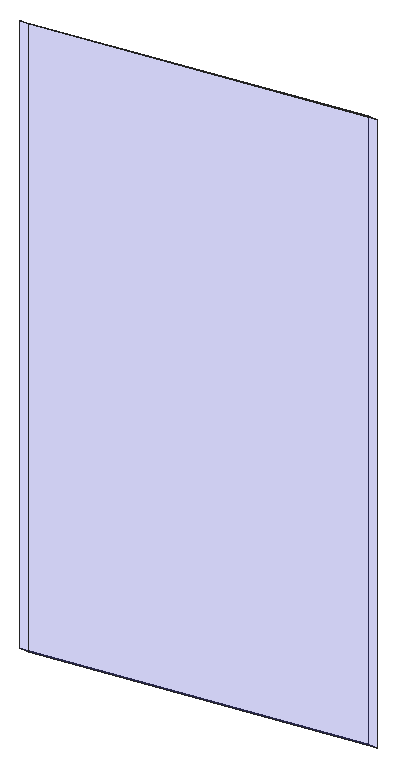
Revit family "Glass Panel", category 난간동자, Revit 2026
Family settings
  항상 수직 = 예
  로드될 때 보이드를 사용하여 절단 = 아니오
  공유 = 아니오
Parameters (values of type "600mm Wide Panel 10mmV Gap")
  Width = 600 mm
  Vertical Gap = 10 mm
  built-in parameter 1008623 [instance] = (empty or 0)
  built-in parameter 1008625 [instance] = 32.47°
  Post = no
  built-in parameter 1008624 [instance] = (empty or 0)
  built-in parameter 1008622 [instance] = 750 mm
Types (4, lengths in mm): name | Width | Vertical Gap
  (no name) | 600 | 10
  800mm Wide Panel 20mmV Gap | 800 | 20
  1000mm Wide Panel 20mmV Gap | 1000 | 20
  600mm Wide Panel 10mmV Gap | 600 | 10
Reference planes
  plane 1 "Center (Front/Back)": y = 0
  plane 2: z = 0
  plane 3 "Center (Left/Right)": x = 0
  plane 4 "Top": z = 750
  plane 5 "Top Cut Angle": through (0, 339.699, 533.838) normal (0, -0.5369, -0.8437)
  plane 6 "Bottom Cut Angle": through (0, 0, 0) normal (0, -0.5369, -0.8437)
  plane 7 "Front": y = 300
  plane 8 "Back": y = -300
  plane 9: y = -290
  plane 10: y = 290
Forms (mm)
  Extrusion 1, solid, material "Glass"
    sketch origin (0, 0, 0) x (0, 1, 0) y (0, 0, 1)
      loop
        line (290, 565.463) -> (-290, 934.537) -> (-290, 184.537) -> (290, -184.537) -> (290, 565.463)
    from -6 to 6
Text (mm)
  text "Baluster Panel Elevation" at (0, 774.199, 1016.929), in view "Left"
Dimensions and locks
  "built-in parameter 1008622": plane 2 to plane 4 "Top"
  equal spacing: plane 7 "Front", plane 1 "Center (Front/Back)", plane 8 "Back"
  "Width": plane 7 "Front" to plane 8 "Back"
  "Vertical Gap": plane 8 "Back" to plane 9
  "Vertical Gap": plane 10 to plane 7 "Front"
  "built-in parameter 1008625": angle plane 4 "Top" to plane 5 "Top Cut Angle"
  "built-in parameter 1008625": angle level to plane 6 "Bottom Cut Angle"
  aligned and locked: Extrusion 1 sketch curve to plane 5 "Top Cut Angle"
  aligned and locked: Extrusion 1 sketch curve to plane 6 "Bottom Cut Angle"
  aligned and locked: plane 9 to Extrusion 1 sketch curve
  aligned and locked: Extrusion 1 sketch curve to plane 10
